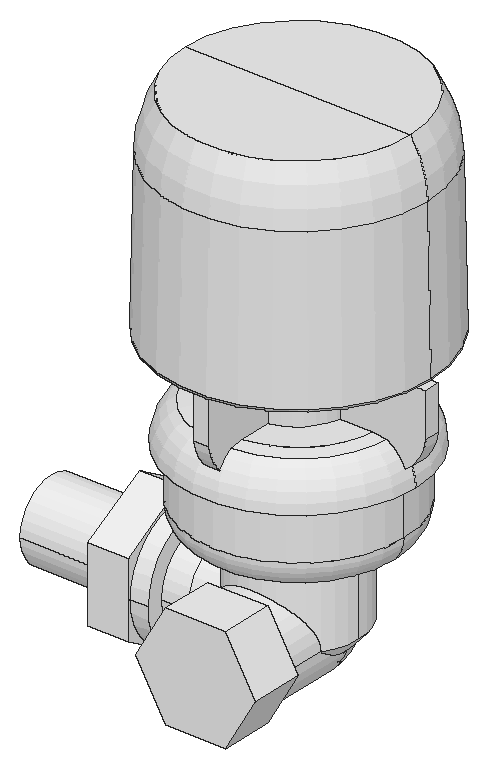
Revit family "RA-IN_Double Angle_Right_DN10-15_Aveo_RFA", category Pipe Accessories, Revit 2019
Family settings
  Round Connector Dimension = Use Diameter
  Part Type = Valve - Breaks Into
  OmniClass Number = 23.65.55.14.17
  OmniClass Title = Adjusting/Controlling Valves for Liquid Services
  Work Plane-Based = No
  Always vertical = Yes
  Cut with Voids When Loaded = No
  Shared = No
Parameters (values of type "RA-IN_Double Angle_Right_DN10_013G6571")
  Weight = 0.23 kg
  Wa = if(or(Sensor Type = Tamp_Remote, Sensor Type = [Tamp_Built-in]), 30.50 mm, 28.00 mm)  # 28.00 mm
  W = Wa + L5  # 55.00 mm
  Setting Range = "1-4,N"  # constant formula
  Sensor Type = Aveo Sensors_RA_RFA : Aveo Sensors_Built-in_7-28 °C
  SH = 33.00 mm  # constant formula
  Tamp_Remote = Aveo Sensors_RA_RFA : Aveo Sensors_Tamperproof_Remote_7-26 °C_015G4042
  Tamp_Built-in = Aveo Sensors_RA_RFA : Aveo Sensors_Tamperproof_Built-in_7-28 °C
  R_200_1 = 15.50 mm
  R_200 = 12.70 mm
  RV2 = 10.00 mm
  RV3 = 13.30 mm
  RV4 = 8.30 mm
  RV1_1 = 10.00 mm
  RB2 = 10.50 mm
  RB = 12.80 mm
  Pressure Drop [instance] = 0.0 bar
  Model Type = "RA-IN_Double Angle_Right_DN10"
  Model = "013G6571"
  Max Operating Pressure = "10 bar"  # constant formula
  Max Medium Temperature = "120 ˚C"  # constant formula
  Max Differential Pressure = "0.6 bar"  # constant formula
  L_nut thread2 = 27.00 mm
  L_nut thread1 = 22.00 mm
  LOD 350 = not(LOD 200)  # yes
  LOD 200 = no
  L6 = 16.00 mm
  L5 = 27.00 mm
  L3 = 6.00 mm
  L1 = 15.00 mm
  L2 = 4.00 mm
  L4 = 8.50 mm
  SL = L1 + L2 + L3 + L4  # 33.50 mm
  LL = 52.00 mm
  L = Wa + LL  # 80.00 mm
  Kvs = 0.65 m³/h
  IfcExportType = "RA-IN"  # constant formula
  IfcExportAs = "IfcValveType"  # constant formula
  Valve Body Material = Danfoss Brass (Nickel plated)
  URL = "https://store.danfoss.com/fr/en/Climate-Solutions-for-heating/Radiator-Thermostats/Radiator-Valves/Build-on-valves/Presetting-valves/c/13866?q=%3Arelevance%3Adanfoss_producttypehierarchydesc%3ARA-IN%3Adanfoss_a223339155%3AA223_339155e8a4b9257411af40f22b1cba9d507f15&text="
  RV1 = 10.50 mm
  Manufacturer = "Danfoss"  # constant formula
  RB3 = 10.50 mm
  HH = 22.00 mm
  H1 = 15.00 mm
  HT = H1 + 84.00 mm  # 99.00 mm
  H = R_200_1 + HT  # 114.50 mm
  Flow [instance] = 0.0 m³/h
  Description = "Thermostatic Radiator Valve"  # constant formula
  DB4 = 25.60 mm
  D = 10.00 mm
  Connection = "Internal thread"  # constant formula
Reference planes
  plane 1 "Center (Front/Back)": y = 0
  plane 2 "XYPLANE": z = 0
  plane 3 "Center (Left/Right)": x = 0
  plane 4 "56": z = 99
  plane 5 "54": z = 8.5
  plane 6 "51": x = 0
  plane 7 "50": y = 0
  plane 8 "49": z = 0
  plane 9: z = 10
  plane 10: z = 15
  plane 11: y = -27
  plane 12: y = -16
  plane 13: z = -10.5
  plane 14: x = -15
  plane 15: x = -21
  plane 16: x = -25
  plane 17: x = -33.5
  plane 18: x = -52
  plane 19: x = 28
  plane 20: y = 28
  plane 21: z = -15.5
Forms (mm)
  Extrusion 1, solid, material "Danfoss Brass (Nickel plated)" <- "Valve Body Material", visible <- "LOD 350", detail levels fine
    sketch origin (0, 0, 0) x (1, 0, 0) y (0, 1, 0)
      loop
        circle (0, 0) r 12.8
    from 0 to 15
  Blend 2, solid, material "Danfoss Brass (Nickel plated)" <- "Valve Body Material", visible <- "LOD 350", detail levels fine
    base sketch origin (0, 0, 0) x (0, -1, 0) y (1, 0, 0)
      loop
        circle (0, 0) r 12.8
    top sketch origin (0, 0, 0) x (0, -1, 0) y (1, 0, 0)
      loop
        circle (0, 0) r 10.5
    from 0 to -2.7
  Extrusion 3, solid, material "Danfoss Brass (Nickel plated)" <- "Valve Body Material", visible <- "LOD 200", detail levels fine
    sketch origin (0, 0, 0) x (0, 1, 0) y (0, 0, 1)
      loop
        circle (0, 0) r 10.5
    from 0 to -25
  Revolve 4, solid, material "Danfoss Brass (Nickel plated)" <- "Valve Body Material", visible <- "LOD 350", detail levels fine
    sketch origin (0, 0, 0) x (0, 1, 0) y (0, 0, 1)
      loop
        line (0, 10.5) -> (0, -10.5)
        arc (0, -10.5) -> (10.5, 0) -> (0, 10.5) r 10.5
      axis (0, -10.5) -> (0, 10.5)
    angle from 0 to 360
  Extrusion 5, solid, material "Danfoss Brass (Nickel plated)" <- "Valve Body Material", detail levels fine
    sketch origin (0, 0, 0) x (1, 0, 0) y (0, 0, 1)
      loop
        circle (0, 0) r 10.5
    from 0 to 16
  Extrusion 6, solid, material "Danfoss Brass (Nickel plated)" <- "Valve Body Material", visible <- "LOD 350", detail levels fine
    sketch origin (0, 0, 0) x (1, 0, 0) y (0, 0, 1)
      loop
        line (-6.351, 11) -> (-12.702, 0) -> (-6.351, -11) -> (6.351, -11) -> (12.702, 0) -> (6.351, 11) -> (-6.351, 11)
    from 16 to 27
  Extrusion 7, solid, material "Danfoss Brass (Nickel plated)" <- "Valve Body Material", visible <- "LOD 350", detail levels fine
    sketch origin (-16.7, -750, 0) x (0, 1, 0) y (0, 0, -1)
      loop
        circle (750, 0) r 10.5
    from -1.7 to -16.7
  Extrusion 8, solid, material "Danfoss Brass (Nickel plated)" <- "Valve Body Material", visible <- "LOD 350", detail levels fine
    sketch origin (-23.5, -750, 0) x (0, 1, 0) y (0, 0, -1)
      loop
        line (750, -15.588) -> (763.5, -7.794) -> (763.5, 7.794) -> (750, 15.588) -> (736.5, 7.794) -> (736.5, -7.794) -> (750, -15.588)
    from 10 to 1.5
  Extrusion 9, solid, material "Danfoss Brass (Nickel plated)" <- "Valve Body Material", visible <- "LOD 350", detail levels fine
    sketch origin (-23.5, -750, 0) x (0, 1, 0) y (0, 0, -1)
      loop
        circle (750, 0) r 13.3
    from 1.5 to -2.5
  Blend 10, solid, material "Danfoss Brass (Nickel plated)" <- "Valve Body Material", visible <- "LOD 350", detail levels fine
    base sketch origin (0, 0, 0) x (0, 1, 0) y (0, 0, -1)
      loop
        circle (0, 0) r 10
    top sketch origin (0, 0, 0) x (0, 1, 0) y (0, 0, -1)
      loop
        circle (0, 0) r 10
    from 15 to 21
  Extrusion 11, solid, material "Danfoss Brass (Nickel plated)" <- "Valve Body Material", detail levels fine
    sketch origin (-23.5, -750, 0) x (0, 1, 0) y (0, 0, -1)
      loop
        circle (750, 0) r 8.3
    from 10 to 28.5
  Extrusion 12, solid, material "Danfoss Brass (Nickel plated)" <- "Valve Body Material", visible <- "LOD 200", detail levels fine
    sketch origin (0, 0, 0) x (1, 0, 0) y (0, 0, 1)
      loop
        circle (0, 0) r 12.7
    from 16 to 27
  Extrusion 13, solid, material "Danfoss Nickel Plated Brass", visible <- "LOD 200", detail levels fine
    sketch origin (0, 0, 0) x (0, 1, 0) y (0, 0, 1)
      loop
        circle (0, 0) r 15.5
    from -33.5 to -25
  Extrusion 14, solid, material "Danfoss Brass (Nickel plated)" <- "Valve Body Material", visible <- "LOD 200", detail levels fine
    sketch origin (0, 0, 0) x (1, 0, 0) y (0, 1, 0)
      loop
        circle (0, 0) r 12.8
    from -10.5 to 15
Lines and regions (mm)
  reference lines
    curve 1: line (0, 0, -22) -> (0, 5, -22)
Dimensions and locks
  locked: plane 3 "Center (Left/Right)" to plane 6 "51"
  locked: plane 1 "Center (Front/Back)" to plane 7 "50"
  locked: plane 2 "XYPLANE" to plane 8 "49"
  "L5": plane 11 to plane 1 "Center (Front/Back)"
  "L6": plane 12 to plane 1 "Center (Front/Back)"
  "L_nut thread1": Extrusion 6 sketch curve to Extrusion 6 sketch curve  (x3)
  equal spacing: Extrusion 6 sketch curve, level, Extrusion 6 sketch curve
  equal spacing: Extrusion 6 sketch curve, plane 3 "Center (Left/Right)", Extrusion 6 sketch curve  (x2)
  "RB2": level to plane 13
  "L1": plane 14 to plane 3 "Center (Left/Right)"
  "L3": plane 15 to plane 14
  "L2": plane 16 to plane 15
  "L4": plane 17 to plane 16
  "LL": plane 3 "Center (Left/Right)" to plane 18
  "L_nut thread2": Extrusion 8 sketch curve to Extrusion 8 sketch curve  (x3)
  equal spacing: Extrusion 8 sketch curve, plane 1 "Center (Front/Back)", Extrusion 8 sketch curve  (x3)
  "L": plane 19 to plane 18
  "R_200_1": level to plane 21
  "W": plane 20 to plane 11
  "H1": plane 10 to level
  "H": plane 4 "56" to plane 21
  plane 4 "56" to level = 99.00 mm
  Extrusion 8 to plane 6 "51" = 25.00 mm
  plane 4 "56" to plane 10 = 84.00 mm
  "DB4": diameter of Extrusion 1 sketch curve
  "RB3": radius of Blend 2 sketch curve
  "DB4": diameter of Blend 2 sketch curve
  "RV1": radius of Extrusion 3 sketch curve
  "RB2": radius of Revolve 4 sketch curve
  "RB2": radius of Extrusion 5 sketch curve
  "RV1": radius of Extrusion 7 sketch curve
  "RV3": radius of Extrusion 9 sketch curve
  "RV1_1": radius of Blend 10 sketch curve
  "RV2": radius of Blend 10 sketch curve
  "RV4": radius of Extrusion 11 sketch curve
  "R_200": radius of Extrusion 12 sketch curve
  "R_200_1": radius of Extrusion 13 sketch curve
  "DB4": diameter of Extrusion 14 sketch curve
  angle Extrusion 6 sketch curve to Extrusion 6 sketch curve = 120.00°  (x6)
  angle Extrusion 8 sketch curve to Extrusion 8 sketch curve = 120.00°  (x6)
  aligned and locked: level to plane 2 "XYPLANE"
  aligned and locked: plane 6 "51" to Extrusion 1 sketch curve
  aligned and locked: plane 7 "50" to Extrusion 1 sketch curve
  aligned and locked: plane 10 to Extrusion 1
  aligned and locked: plane 6 "51" to Blend 2 sketch curve
  aligned and locked: plane 7 "50" to Blend 2 sketch curve
  aligned and locked: level to Extrusion 3 sketch curve
  aligned and locked: plane 1 "Center (Front/Back)" to Extrusion 3 sketch curve
  aligned and locked: plane 1 "Center (Front/Back)" to Revolve 4 sketch curve  (x2)
  aligned and locked: level to Revolve 4 sketch curve
  aligned and locked: Revolve 4 sketch curve to plane 1 "Center (Front/Back)"
  aligned and locked: plane 3 "Center (Left/Right)" to Extrusion 5 sketch curve
  aligned and locked: level to Extrusion 5 sketch curve
  aligned and locked: Extrusion 5 to plane 12
  aligned and locked: Extrusion 6 to plane 11
  aligned and locked: plane 12 to Extrusion 6
  aligned and locked: Extrusion 11 to plane 18
  aligned and locked: Extrusion 11 to Extrusion 8
  aligned and locked: Extrusion 8 to plane 17
  aligned and locked: plane 16 to Extrusion 8
  aligned and locked: Extrusion 9 to plane 16
  aligned and locked: plane 15 to Extrusion 9
  aligned and locked: Blend 10 to plane 15
  aligned and locked: plane 14 to Blend 10
  aligned and locked: plane 3 "Center (Left/Right)" to Extrusion 7
  aligned and locked: Extrusion 7 to plane 14
  aligned and locked: Extrusion 3 to Extrusion 8
  aligned and locked: plane 3 "Center (Left/Right)" to Extrusion 12 sketch curve
  aligned and locked: level to Extrusion 12 sketch curve
  aligned and locked: plane 1 "Center (Front/Back)" to Extrusion 13 sketch curve
  aligned and locked: level to Extrusion 13 sketch curve
  aligned and locked: plane 12 to Extrusion 12
  aligned and locked: Extrusion 12 to plane 11
  aligned and locked: Extrusion 13 to plane 17
  aligned and locked: plane 16 to Extrusion 13
  aligned and locked: level to Blend 2
  aligned and locked: Extrusion 1 to level
  aligned and locked: plane 6 "51" to Extrusion 14 sketch curve
  aligned and locked: plane 7 "50" to Extrusion 14 sketch curve
  aligned and locked: Extrusion 14 to plane 13
  aligned and locked: plane 10 to Extrusion 14
  aligned and locked: plane 3 "Center (Left/Right)" to nested 1
  aligned and locked: plane 10 to nested 1
  aligned and locked: plane 1 "Center (Front/Back)" to nested 1
  aligned and locked: plane 3 "Center (Left/Right)" to nested 2
  aligned and locked: plane 1 "Center (Front/Back)" to nested 2
  aligned and locked: level to nested 2
  aligned and locked: plane 1 "Center (Front/Back)" to nested 3
  aligned and locked: nested 3 to plane 10
  aligned and locked: plane 3 "Center (Left/Right)" to nested 3
Automatic sketch dimensions
  curve 1 to plane 3 "Center (Left/Right)" = 0.00 mm
  plane 1 "Center (Front/Back)" to curve 1 = 0.00 mm
  curve 1 to plane 1 "Center (Front/Back)" = 5.00 mm
  plane 1 "Center (Front/Back)" to Blend 2 sketch curve = 0.00 mm
  Blend 2 sketch curve to plane 3 "Center (Left/Right)" = 0.00 mm
  Revolve 4 sketch curve to plane 10 = 0.00 mm
  plane 21 to Revolve 4 sketch curve = 1.321 mm
  Extrusion 5 sketch curve to level = 0.00 mm
  Extrusion 7 sketch curve to level = 0.00 mm
  Extrusion 7 sketch curve to plane 1 "Center (Front/Back)" = 0.00 mm
  Extrusion 9 sketch curve to level = 0.00 mm
  Extrusion 9 sketch curve to plane 1 "Center (Front/Back)" = 0.00 mm
  Blend 10 sketch curve to level = 0.00 mm  (x2)
  Blend 10 sketch curve to plane 1 "Center (Front/Back)" = 0.00 mm  (x2)
  Extrusion 11 sketch curve to level = 0.00 mm
  Extrusion 11 sketch curve to plane 1 "Center (Front/Back)" = 0.00 mm
Nested families
  nested 1: "connection neck" at (0, 0, 15), LOD 200 <- "LOD 200", type "connection", detail levels fine
    with LOD 350 yes, LOD 200 no, DN20(350) yes, DN10-15(350) no
  nested 2: "Schematic_TRV_Sensor_Angle Right" at (0, 0, 0), type "Schematic_TRV_Sensor_Angle Right", detail levels coarse+medium
  nested 3: "Aveo Sensors_RA_RFA" at (0, 0, 15), LOD 200 <- "LOD 200", type <- "Sensor Type", type "Aveo Sensors_Built-in_7-28 °C", detail levels fine
    with Y' 700.00 mm, X' 700.00 mm, LOD 350 yes, LOD 200 no, Box Z Offset 100.00 mm, Box Y Offset 100.00 mm, Box X Offset 100.00 mm
Connectors
  piping at (0, -27, 0), diameter 10, driven by "Flow", driven by "D"
    settings: on Extrusion 6, index 1, connector inside diameter 609.6 mm, connector length 0.00 mm, flow factor 0, pipe flow 0.0 m³/h, pressure drop 0.0 bar, fitting loss kfactor 0, connector angle 0.00°, fixture units 0, engagement length 0.00 mm, angle of deflection 0.00°, flow configuration 0, flow direction 1, fitting loss method 0, system type 29, joint type 0, gender type 0, connector reference index 2, connector utility 0, adjustable connector no, is connector primary yes, connector description ""
  piping at (-33.5, 0, 0), diameter 10, driven by "D", driven by "Flow"
    settings: on Extrusion 8, index 2, connector inside diameter 609.6 mm, connector length 0.00 mm, flow factor 0, pipe flow 0.0 m³/h, pressure drop 0.0 bar, fitting loss kfactor 0, connector angle 0.00°, fixture units 0, engagement length 0.00 mm, angle of deflection 0.00°, flow configuration 0, flow direction 2, fitting loss method 0, system type 29, joint type 0, gender type 0, connector reference index 1, connector utility 0, adjustable connector no, is connector primary no, connector description ""
Definition of nested family "connection neck"
  Parameters (values of type "connection")
    Model = ""
    Valve Body Material = none
    LOD 350 [instance] = not(LOD 200)  # yes
    LOD 200 [instance] = no
    IfcExportType = "Connection neck"  # constant formula
    IfcExportAs = "IfcValveType"  # constant formula
    URL = "https://store.danfoss.com/en/Climate-Solutions-for-heating/Radiator-Thermostats/Radiator-Valves/Build-on-valves/Presetting-valves/c/13866?q=%3Arelevance%3Adanfoss_producttypehierarchydesc%3ARA-N&text="
    Manufacturer = "Danfoss"  # constant formula
    HT1 = if(D = 20.00 mm, 12.55 mm, 12.65 mm)  # 12.55 mm
    HT = 33.00 mm  # constant formula
    H [instance] = 33.00 mm
    Description = "Thermostatic Radiator Valve"  # constant formula
    DN20(350) [instance] = and((LOD 350), D = 20.00 mm)  # yes
    DN10-15(350) [instance] = and((LOD 350), D < 20.00 mm)  # no
    D = 20.00 mm
  Reference planes
    plane 1 "Center (Front/Back)": y = 0
    plane 2 "XYPLANE": z = 6
    plane 3 "Center (Left/Right)": x = 0
    plane 4 "67": z = 26.93
    plane 5 "66": z = 7
    plane 6 "63": x = 0
    plane 7 "60": y = 0
    plane 8 "59": z = 0
    plane 9: z = 33
    plane 10: z = 12.65
    plane 11: z = 0
    plane 12 "HT1": z = 12.55
    plane 13: z = 6.1
    plane 14: z = 22.93
  Forms (mm)
    Revolve 1, solid, detail levels fine
      sketch origin (0, 0, 0) x (1, 0, 0) y (0, 0, 1)
        loop
          line (0, 33) -> (0, 26.93) -> (1, 26.93) -> (1, 33) -> (0, 33)
        axis (0, 26.93) -> (0, 33)
      angle from 0 to 360
    Revolve 2, solid, visible <- "DN10-15(350)", detail levels fine
      sketch origin (0, 0, 0) x (1, 0, 0) y (0, 0, 1)
        loop
          line (0, 0) -> (11.5, 0) -> (11.5, 7) -> (8.3, 7) -> (8.3, 12.55) -> (0, 12.55) -> (0, 0)
        axis (0, 12.55) -> (0, 0)
      angle from 0 to 360
    Revolve 3, solid, material <- "Valve Body Material", detail levels fine
      sketch origin (0, 0, 0) x (1, 0, 0) y (0, 0, 1)
        loop
          line (0, 22.93) -> (0, 12.55) -> (9.3, 12.55) -> (9.3, 22.93) -> (0, 22.93)
        axis (0, 12.55) -> (0, 22.93)
      angle from 0 to 360
    Revolve 4, solid, visible <- "LOD 200", detail levels fine
      sketch origin (0, 0, 0) x (1, 0, 0) y (0, 0, 1)
        loop
          line (0, 0) -> (11.5, 0) -> (11.5, 12.55) -> (0, 12.55) -> (0, 0)
        axis (0, 0) -> (0, 12.55)
      angle from 0 to 360
    Extrusion 5, solid, visible <- "LOD 350", detail levels fine
      sketch origin (0, 0, 0) x (1, 0, 0) y (0, 1, 0)
        loop
          line (-2.887, 5) -> (-5.774, 0) -> (-2.887, -5) -> (2.887, -5) -> (5.774, 0) -> (2.887, 5) -> (-2.887, 5)
      from 22.93 to 26.93
    Revolve 6, solid, visible <- "LOD 200", detail levels fine
      sketch origin (0, 0, 0) x (1, 0, 0) y (0, 0, 1)
        loop
          line (0, 26.93) -> (0, 22.93) -> (5.774, 22.93) -> (5.774, 26.93) -> (0, 26.93)
        axis (0, 26.93) -> (0, 22.93)
      angle from 0 to 360
    Revolve 7, solid, visible <- "DN20(350)", detail levels fine
      sketch origin (0, 0, 0) x (1, 0, 0) y (0, 0, 1)
        loop
          line (0, 0) -> (11.5, 0) -> (11.5, 6.1) -> (8.3, 6.1) -> (8.3, 12.55) -> (0, 12.55) -> (0, 0)
        axis (0, 12.55) -> (0, 0)
      angle from 0 to 360
  Lines and regions (mm)
    reference lines, not visible
      curve 1: circle (2, 2, 0) r 1 normal (0, 0, 1)
    reference lines, visible <- "LOD 350"
      curve 2: line (32, 0, 0) -> (32, 5.846, -3.375)
      curve 3: line (32, 0, 0) -> (32, 0, -6.75)
      curve 4: line (32, 0, 0) -> (32, -5.846, -3.375)
      curve 5: line (-29, 0, 0) -> (-29, -4.98, -2.875)
      curve 6: line (-29, 0, 0) -> (-29, 0, -5.75)
      curve 7: line (-29, 0, 0) -> (-29, 4.98, -2.875)
  Dimensions and locks
    plane 1 "Center (Front/Back)" to curve 1 = 2.00 mm
    locked: plane 3 "Center (Left/Right)" to plane 6 "63"
    locked: plane 1 "Center (Front/Back)" to plane 7 "60"
    plane 8 "59" to plane 2 "XYPLANE" = 6.00 mm
    "HT": plane 9 to level
    Revolve 3 sketch curve to Revolve 3 sketch curve = 9.30 mm
    Revolve 2 sketch curve to plane 3 "Center (Left/Right)" = 11.50 mm
    Revolve 2 sketch curve to plane 3 "Center (Left/Right)" = 8.30 mm
    Revolve 4 sketch curve to Revolve 4 sketch curve = 11.50 mm
    Extrusion 5 sketch curve to Extrusion 5 sketch curve = 10.00 mm  (x3)
    equal spacing: Extrusion 5 sketch curve, plane 1 "Center (Front/Back)", Extrusion 5 sketch curve
    equal spacing: Extrusion 5 sketch curve, plane 3 "Center (Left/Right)", Extrusion 5 sketch curve  (x2)
    Revolve 6 sketch curve to Revolve 6 sketch curve = 5.774 mm
    "H": plane 9 to plane 11
    Revolve 1 sketch curve to Revolve 1 sketch curve = 1.00 mm
    locked: level to plane 11
    Revolve 7 sketch curve to plane 3 "Center (Left/Right)" = 8.30 mm
    Revolve 7 sketch curve to plane 3 "Center (Left/Right)" = 11.50 mm
    plane 10 to plane 5 "66" = 5.65 mm
    "HT1": plane 12 "HT1" to level
    locked: plane 13 to level at 6.1
    plane 12 "HT1" to plane 13 = 6.45 mm
    locked: plane 14 to plane 12 "HT1" at 10.38
    locked: plane 4 "67" to plane 14 at 4
    locked: plane 5 "66" to level at 7
    locked: curve 3 to curve 2 (angle 60.00°)
    locked: curve 4 to curve 3 (angle 60.00°)
    locked: curve 4 to curve 2 (angle 120.00°)
    locked: curve 6 to curve 5 (angle 60.00°)
    locked: curve 7 to curve 6 (angle 60.00°)
    locked: curve 7 to curve 5 (angle 120.00°)
    aligned and locked: curve 4 to plane 7 "60"
    aligned and locked: plane 8 "59" to curve 4
    aligned and locked: curve 7 to plane 7 "60"
    aligned and locked: plane 8 "59" to curve 7
    aligned and locked: Revolve 1 sketch curve to plane 6 "63"
    aligned and locked: Revolve 1 sketch curve to plane 9
    aligned and locked: plane 6 "63" to Revolve 1 sketch curve
    aligned and locked: Revolve 2 sketch curve to plane 5 "66"
    aligned and locked: Revolve 2 sketch curve to plane 3 "Center (Left/Right)"
    aligned and locked: Revolve 2 sketch curve to Revolve 2 sketch curve
    aligned and locked: Revolve 3 sketch curve to plane 6 "63"
    aligned and locked: plane 6 "63" to Revolve 3 sketch curve
    aligned and locked: Revolve 4 sketch curve to plane 6 "63"
    aligned and locked: plane 2 "XYPLANE" to Revolve 4 sketch curve
    aligned and locked: plane 6 "63" to Revolve 4 sketch curve
    aligned and locked: Revolve 1 sketch curve to plane 4 "67"
    aligned and locked: plane 4 "67" to Revolve 1 sketch curve
    aligned and locked: Revolve 2 sketch curve to plane 11
    aligned and locked: plane 11 to Revolve 2 sketch curve
    aligned and locked: plane 4 "67" to Extrusion 5
    aligned and locked: plane 10 to Revolve 4
    aligned and locked: Revolve 6 sketch curve to plane 6 "63"  (x2)
    aligned and locked: Revolve 6 sketch curve to plane 4 "67"
    aligned and locked: Revolve 6 sketch curve to Revolve 1
    aligned and locked: Revolve 6 sketch curve to Revolve 6 sketch curve
    aligned and locked: Revolve 7 sketch curve to level
    aligned and locked: Revolve 7 sketch curve to plane 3 "Center (Left/Right)"  (x2)
    aligned and locked: Revolve 4 sketch curve to plane 12 "HT1"
    aligned and locked: Revolve 3 sketch curve to plane 12 "HT1"
    aligned and locked: Revolve 2 sketch curve to plane 12 "HT1"
    aligned and locked: Revolve 7 sketch curve to plane 12 "HT1"
    aligned and locked: Revolve 7 sketch curve to plane 13
    aligned and locked: Revolve 3 sketch curve to plane 14
    aligned and locked: Extrusion 5 to plane 14
  Automatic sketch dimensions
    plane 3 "Center (Left/Right)" to curve 1 = 2.00 mm
    plane 9 to Revolve 1 sketch curve = 0.838 mm
    Revolve 3 sketch curve to plane 3 "Center (Left/Right)" = 0.00 mm
    plane 5 "66" to Revolve 3 sketch curve = 2.50 mm
    Revolve 3 sketch curve to plane 9 = 1.691 mm
    Revolve 4 sketch curve to plane 11 = 0.00 mm
    Revolve 4 sketch curve to plane 9 = 0.30 mm
    plane 1 "Center (Front/Back)" to Extrusion 5 sketch curve = 0.00 mm
    Extrusion 5 sketch curve to Extrusion 5 sketch curve = 2.887 mm
    Revolve 7 sketch curve to Revolve 7 sketch curve = 0.00 mm
    Revolve 7 sketch curve to Revolve 7 sketch curve = 11.48 mm
    Revolve 2 sketch curve to plane 4 "67" = 3.00 mm
    Revolve 6 sketch curve to plane 4 "67" = 4.00 mm
    radius of curve 1 = 1.00 mm
Definition of nested family "Aveo Sensors_RA_RFA"
  Parameters (values of type "Aveo Sensors_Built-in_7-28 °C")
    YH = XYadd - H'  # 516.00 mm
    Y' [instance] = if(Box Y Offset < -1 * XYlimit, XYadd - XYlimit, (if(Box Y Offset > XYlimit, XYadd + XYlimit, Box Y Offset + XYadd)))  # 700.00 mm
    XYadd = XYlimit + 100.00 mm  # 600.00 mm
    X' [instance] = if(Box X Offset < -1 * XYlimit, XYadd - XYlimit, (if(Box X Offset > XYlimit, XYadd + XYlimit, Box X Offset + XYadd)))  # 700.00 mm
    XYlimit = 500.00 mm
    W [instance] = 56.00 mm
    Tactile Temperature Setting = "Yes (Tactile feedback every 0.5°C)"
    Min Temperature Setting = "7 °C"  # constant formula
    Max Temperature Setting = "28 °C"
    Max Capillary Tube Length = 0.00 mm
    L [instance] = 56.00 mm
    Box Z Offset [instance] = 100.00 mm  # constant formula
    Aveo Sensor = Aveo_RFA : Aveo Sensors
    Sensor Media = "Gas"  # constant formula
    Remote Sensor = if(RS = 1, 1 = 1, 1 = 0)  # no
    URL = "https://store.danfoss.com/en/Climate-Solutions-for-heating/Radiator-Thermostats/Radiator-sensors/Room-sensor-mTRV/Sensors-for-Danfoss-RA-valves/c/13884?q=%3Arelevance%3Adanfoss_producttypehierarchydesc%3ADanfoss+Aveo%C2%AE+Sensors%3Adanfoss_a1186338575%3AA1186_3385757565fa0f3e171a343b2fd2a01064cb82&text="
    RS = 0
    Model Type = "Aveo Sensors_Built-in_7-28 °C"
    Model = "015G4090,015G4098,015G4290"
    Manufacturer = "Danfoss"  # constant formula
    LOD 350 [instance] = not(LOD 200)  # yes
    LOD 200 [instance] = no
    IfcExportType = "Aveo Sensors"  # constant formula
    IfcExportAs = "IfcActuatorType"  # constant formula
    H' = 84.00 mm
    H [instance] = 84.00 mm
    Description = "Radiator Sensor"  # constant formula
    Connection = "RA"  # constant formula
    Box Y Offset [instance] = 100.00 mm
    Box X Offset [instance] = 100.00 mm
    Body Material = none
  Types (8, lengths in mm): name | YH | Y' | XYadd | X' | XYlimit | W | Tactile Temperature Setting | Max Temperature Setting | Max Capillary Tube Length | L | Aveo Sensor | Remote Sensor | URL | RS | Model Type | Model
    (no name) | 516.00 | 700.00 | 600.00 | 700.00 | 500.00 | 56.00 | "Yes (Tactile feedback every 0.5°C)" | "28 °C" | 0.00 | 56.00 | Aveo_RFA : Aveo Sensors | no | "https://store.danfoss.com/en/Climate-Solutions-for-heating/Radiator-Thermostats/Radiator-sensors/Room-sensor-mTRV/Sensors-for-Danfoss-RA-valves/c/13884?q=%3Arelevance%3Adanfoss_producttypehierarchydesc%3ADanfoss+Aveo%C2%AE+Sensors%3Adanfoss_a1186338575%3AA1186_3385757565fa0f3e171a343b2fd2a01064cb82&text=" | 0 | "Aveo Sensors_Built-in_7-28 °C" | "015G4090,015G4098,015G4290"
    Aveo Sensors_Remote_7-21 °C_015G4182 | 1016.00 | 1200.00 | 1100.00 | 1200.00 | 1000.00 | 56.00 | "Yes (Tactile feedback every 0.5°C)" | "21 °C" | 2000.00 | 56.00 | Aveo_RFA : Aveo Sensors | yes | "https://store.danfoss.com/en/Climate-Solutions-for-heating/Radiator-Thermostats/Radiator-sensors/Room-sensor-mTRV/Sensors-for-Danfoss-RA-valves/c/13884?q=%3Arelevance%3Adanfoss_producttypehierarchydesc%3ADanfoss+Aveo%C2%AE+Sensors%3Adanfoss_a1186338575%3AA1186_3385756922a4d78decdb47e1e9a53dbb12a95d&text=" | 1 | "Aveo Sensors_Remote_7-21 °C" | "015G4182"
    Aveo Sensors_Tamperproof_Built-in_7-28 °C | 516.00 | 700.00 | 600.00 | 700.00 | 500.00 | 61.00 | "No" | "28 °C" | 0.00 | 61.03 | Aveo_RFA : Aveo Sensors_Tamper | no | "https://store.danfoss.com/en/Climate-Solutions-for-heating/Radiator-Thermostats/Radiator-sensors/Room-sensor-mTRV/Sensors-for-Danfoss-RA-valves/c/13884?q=%3Arelevance%3Adanfoss_producttypehierarchydesc%3ADanfoss+Aveo%C2%AE+Sensors%3Adanfoss_a1143338549%3AA1143_33854930bf066c25ae61e81a17fb3e21ea8fe7%3Adanfoss_a1186338575%3AA1186_3385757565fa0f3e171a343b2fd2a01064cb82&text=" | 0 | "Aveo Sensors_Tamperproof_Built-in_7-28 °C" | "015G4040,015G4240"
    Aveo Sensors_Tamperproof_Remote_7-26 °C_015G4042 | 1016.00 | 1200.00 | 1100.00 | 1200.00 | 1000.00 | 60.97 | "No" | "26 °C" | 2000.00 | 61.03 | Aveo_RFA : Aveo Sensors_Tamper | yes | "https://store.danfoss.com/en/Climate-Solutions-for-heating/Radiator-Thermostats/Radiator-sensors/Room-sensor-mTRV/Sensors-for-Danfoss-RA-valves/c/13884?q=%3Arelevance%3Adanfoss_producttypehierarchydesc%3ADanfoss+Aveo%C2%AE+Sensors%3Adanfoss_a1143338549%3AA1143_33854930bf066c25ae61e81a17fb3e21ea8fe7%3Adanfoss_a1186338575%3AA1186_3385756922a4d78decdb47e1e9a53dbb12a95d" | 1 | "Aveo Sensors_Tamperproof_Remote_7-26 °C" | "015G4042"
    Aveo Sensors_Built-in_7-21 °C_015G4180 | 516.00 | 700.00 | 600.00 | 700.00 | 500.00 | 56.00 | "Yes (Tactile feedback every 0.5°C)" | "21 °C" | 0.00 | 56.00 | Aveo_RFA : Aveo Sensors | no | "https://store.danfoss.com/en/Climate-Solutions-for-heating/Radiator-Thermostats/Radiator-sensors/Room-sensor-mTRV/Sensors-for-Danfoss-RA-valves/c/13884?q=%3Arelevance%3Adanfoss_producttypehierarchydesc%3ADanfoss+Aveo%C2%AE+Sensors%3Adanfoss_a1186338575%3AA1186_3385757565fa0f3e171a343b2fd2a01064cb82&text=" | 0 | "Aveo Sensors_Built-in_7-21 °C" | "015G4180"
    Aveo Sensors_Built-in_7-23 °C_015G4123 | 516.00 | 700.00 | 600.00 | 700.00 | 500.00 | 56.00 | "Yes (Tactile feedback every 0.5°C)" | "23 °C" | 0.00 | 56.00 | Aveo_RFA : Aveo Sensors | no | "https://store.danfoss.com/en/Climate-Solutions-for-heating/Radiator-Thermostats/Radiator-sensors/Room-sensor-mTRV/Sensors-for-Danfoss-RA-valves/c/13884?q=%3Arelevance%3Adanfoss_producttypehierarchydesc%3ADanfoss+Aveo%C2%AE+Sensors%3Adanfoss_a1186338575%3AA1186_3385757565fa0f3e171a343b2fd2a01064cb82&text=" | 0 | "Aveo Sensors_Built-in_7-23 °C" | "015G4123"
    Aveo Sensors_Built-in_7-28 °C | 516.00 | 700.00 | 600.00 | 700.00 | 500.00 | 56.00 | "Yes (Tactile feedback every 0.5°C)" | "28 °C" | 0.00 | 56.00 | Aveo_RFA : Aveo Sensors | no | "https://store.danfoss.com/en/Climate-Solutions-for-heating/Radiator-Thermostats/Radiator-sensors/Room-sensor-mTRV/Sensors-for-Danfoss-RA-valves/c/13884?q=%3Arelevance%3Adanfoss_producttypehierarchydesc%3ADanfoss+Aveo%C2%AE+Sensors%3Adanfoss_a1186338575%3AA1186_3385757565fa0f3e171a343b2fd2a01064cb82&text=" | 0 | "Aveo Sensors_Built-in_7-28 °C" | "015G4090,015G4098,015G4290"
    Aveo Sensors_Remote_7-26 °C | 1016.00 | 1200.00 | 1100.00 | 1200.00 | 1000.00 | 56.00 | "Yes (Tactile feedback every 0.5°C)" | "26 °C" | 2000.00 | 56.00 | Aveo_RFA : Aveo Sensors | yes | "https://store.danfoss.com/en/Climate-Solutions-for-heating/Radiator-Thermostats/Radiator-sensors/Room-sensor-mTRV/Sensors-for-Danfoss-RA-valves/c/13884?q=%3Arelevance%3Adanfoss_producttypehierarchydesc%3ADanfoss+Aveo%C2%AE+Sensors%3Adanfoss_a1186338575%3AA1186_3385756922a4d78decdb47e1e9a53dbb12a95d&text=" | 1 | "Aveo Sensors_Remote_7-26 °C" | "015G4092,015G4292"
  Reference planes
    plane 1 "Center (Front/Back)": y = 0
    plane 2: z = 0
    plane 3 "Center (Left/Right)": x = 0
    plane 4: x = -600
    plane 5: z = -516
    plane 6: z = 184
  Lines and regions (mm)
    reference lines
      curve 1: line (100, 100, 0) -> (100, 0, 0)
      curve 2: line (17.515, 100, 0) -> (-57.485, 100, 0)
  Dimensions and locks
    "XYadd": plane 4 to plane 3 "Center (Left/Right)"
    "YH": level to plane 5
    locked: plane 1 "Center (Front/Back)" to curve 2 at 100
    "Y'": plane 6 to plane 5
    "X'": plane 4 to curve 1
    "H": nested 1 to level
    nested 2 to nested 1 = 100.00 mm
    nested 2 to plane 3 "Center (Left/Right)" = 100.00 mm
    "Box Z Offset": nested 2 to plane 1 "Center (Front/Back)"
    nested 1 to nested 1 = 56.00 mm
    "L": nested 1 to nested 1
    aligned and locked: level to plane 2
    aligned and locked: plane 3 "Center (Left/Right)" to nested 1
    aligned and locked: plane 1 "Center (Front/Back)" to nested 1
    aligned and locked: curve 1 to nested 2
    aligned and locked: plane 6 to nested 2
    aligned and locked: nested 1 to level
  Automatic sketch dimensions
    plane 1 "Center (Front/Back)" to curve 1 = 0.00 mm
    plane 3 "Center (Left/Right)" to curve 2 = 17.515 mm
    curve 2 to plane 3 "Center (Left/Right)" = 57.485 mm
  Nested families
    nested 1: "Aveo_RFA" at (0, 0, 0), type <- "Aveo Sensor", type "Aveo Sensors", detail levels fine
    nested 2: "Remote sensor_box_RFA" at (100, 100, 184) x (-1, 0, 0) z (0, -1, 0), LOD 200 <- "LOD 200", Body Material <- "Body Material", visible <- "Remote Sensor", type "Remote sensor_box"
      with LOD 350 yes, LOD 200 no, Body Material none
  Definition of nested family "Aveo_RFA"
    Parameters (values of type "Aveo Sensors")
      W = L  # 56.00 mm
      URL = ""
      With Tamper (LOD 350) = if(and(LOD 350, D1 = 1.00 mm), 1 = 1, 1 = 0)  # no
      Standard (LOD 200) = and(not([Standard (LOD 350)]), not(With Tamper), not([With Tamper (LOD 350)]))  # no
      Sensor Media = "Gas"  # constant formula
      Model = ""
      Manufacturer = "Danfoss"  # constant formula
      LOD 350 = not(LOD 200)  # yes
      LOD 200 = no
      With Tamper = if(and(LOD 200, D1 = 1.00 mm), 1 = 1, 1 = 0)  # no
      L = 56.00 mm
      IfcExportType = "Aveo Sensors"  # constant formula
      IfcExportAs = "IfcActuatorType"  # constant formula
      H [instance] = 84.00 mm
      Description = "Radiator Sensor"  # constant formula
      D1 = 0.00 mm
      Connection = "RA"  # constant formula
      Body Material = none
      Standard (LOD 350) = and(not(LOD 200), not([With Tamper (LOD 350)]))  # yes
    Types (2, lengths in mm): name | W | With Tamper (LOD 350) | L | D1 | Standard (LOD 350)
      Aveo Sensors_Tamper | 61.03 | yes | 61.03 | 1.00 | no
      Aveo Sensors | 56.00 | no | 56.00 | 0.00 | yes
    Reference planes
      plane 1 "Center (Front/Back)": y = 0
      plane 2: z = 0
      plane 3 "Center (Left/Right)": x = 0
      plane 4: y = 28
      plane 5: z = 84
      plane 6: y = -28
      plane 7: z = 15.7
      plane 8: z = 55.7
      plane 9: x = -28
      plane 10: x = 28
    Forms (mm)
      Revolve 1, solid, material <- "Body Material", visible <- "Standard (LOD 350)"
        sketch origin (58.75, 0, 0) x (1, 0, 0) y (0, 0, 1)
          loop
            line (-85.931, 72.625) -> (-86.573, 39.37)
            arc (-86.573, 39.37) -> (-86.43, 39.01) -> (-86.073, 38.861) r 0.499
            line (-86.073, 38.861) -> (-76.586, 38.861) -> (-58.75, 38.861) -> (-58.75, 84) -> (-82.453, 84)
            arc (-82.453, 84) -> (-84.968, 78.55) -> (-85.931, 72.625) r 22.184
          loop
            line (-81.015, 17.711) -> (-81.015, 7.41)
            arc (-81.015, 7.41) -> (-79.155, 2.921) -> (-74.665, 1.061) r 6.349
            line (-74.665, 1.061) -> (-72.426, 1.061) -> (-71.627, 0) -> (-58.75, 0) -> (-58.75, 26.296) -> (-75.835, 26.296) -> (-78.801, 25.879)
            arc (-78.801, 25.879) -> (-82.169, 22.397) -> (-83.397, 17.711) r 9.556
            line (-83.397, 17.711) -> (-81.015, 17.711)
          axis (-58.75, 84) -> (-58.75, 0)
        angle from 0 to 360
      Revolve 2, solid, material <- "Body Material", visible <- "Standard (LOD 200)"
        sketch origin (0, 0, 0) x (1, 0, 0) y (0, 0, 1)
          loop
            line (0, 84) -> (-23.703, 84)
            arc (-23.703, 84) -> (-26.857, 80.567) -> (-28, 76.047) r 9.507
            line (-28, 76.047) -> (-28, 26.296) -> (0, 26.296) -> (0, 84)
          axis (0, 84) -> (0, 26.296)
        angle from 0 to 360
      Extrusion 3, solid, material <- "Body Material", visible <- "Standard (LOD 350)"
        sketch origin (0, 0, 0) x (1, 0, 0) y (0, 0, 1)
          loop
            line (-10.112, 38.861) -> (-18.956, 38.861) -> (-22.118, 37.969) -> (-28, 37.969) -> (-28, 28.615)
            arc (-28, 28.615) -> (-24.743, 22.336) -> (-18.133, 19.817) r 9.932
            line (-18.133, 19.817) -> (-10.112, 19.817) -> (-10.112, 38.861)
        from -1.599 to 1.564
      Extrusion 4, solid, material <- "Body Material", visible <- "Standard (LOD 350)"
        sketch origin (0, 0, 0) x (0, 1, 0) y (0, 0, 1)
          loop
            line (-7.612, 38.861) -> (-16.456, 38.861) -> (-19.618, 37.969) -> (-25.5, 37.969) -> (-25.5, 28.615)
            arc (-25.5, 28.615) -> (-22.243, 22.336) -> (-15.633, 19.817) r 9.932
            line (-15.633, 19.817) -> (-7.612, 19.817) -> (-7.612, 38.861)
        from -1.599 to 1.564
      Extrusion 5, solid, material <- "Body Material", visible <- "Standard (LOD 350)"
        sketch origin (0, 0, 0) x (-1, 0, 0) y (0, 0, -1)
          loop
            line (-10.112, -38.861) -> (-10.112, -19.817) -> (-18.133, -19.817)
            arc (-18.133, -19.817) -> (-24.743, -22.336) -> (-28, -28.615) r 9.932
            line (-28, -28.615) -> (-28, -37.969) -> (-22.118, -37.969) -> (-18.956, -38.861) -> (-10.112, -38.861)
        from -1.599 to 1.564
      Revolve 6, solid, material <- "Body Material", visible <- "Standard (LOD 200)"
        sketch origin (0, 0, 0) x (1, 0, 0) y (0, 0, 1)
          loop
            line (-22.577, 26.296) -> (-22.577, 0) -> (0, 0) -> (0, 26.296) -> (-22.577, 26.296)
          axis (0, 26.296) -> (0, 0)
        angle from 0 to 360
      Revolve 7, solid, material <- "Body Material", visible <- "With Tamper (LOD 350)"
        sketch origin (0, 0, 0) x (1, 0, 0) y (0, 0, 1)
          loop
            line (-13.252, 0) -> (0, 0) -> (0, 84) -> (-23.345, 84)
            arc (-23.345, 84) -> (-26.272, 78.338) -> (-27.354, 72.056) r 20.885
            line (-27.354, 72.056) -> (-27.64, 55.7) -> (-29.195, 55.7) -> (-30.485, 54.745) -> (-30.485, 38.723) -> (-22.149, 18.09)
            arc (-22.149, 18.09) -> (-20.819, 16.357) -> (-18.736, 15.7) r 3.632
            line (-18.736, 15.7) -> (-17.049, 15.7) -> (-17.049, 1.11) -> (-13.252, 1.11) -> (-13.252, 0)
          axis (0, 84) -> (0, 0)
        angle from 0 to 360
      Revolve 8, solid, material <- "Body Material", visible <- "With Tamper"
        sketch origin (0, 0, 0) x (1, 0, 0) y (0, 0, 1)
          loop
            line (-17.049, 15.7) -> (-17.049, 0) -> (0, 0) -> (0, 15.7) -> (-17.049, 15.7)
          axis (0, 15.7) -> (0, 0)
        angle from 0 to 360
      Revolve 9, solid, material <- "Body Material", visible <- "With Tamper"
        sketch origin (0, 0, 0) x (1, 0, 0) y (0, 0, 1)
          loop
            line (0, 84) -> (-22.305, 84)
            arc (-22.305, 84) -> (-28.1, 81.6) -> (-30.5, 75.805) r 8.195
            line (-30.5, 75.805) -> (-30.5, 38.991) -> (-21.201, 15.7) -> (0, 15.7) -> (0, 84)
          axis (0, 84) -> (0, 15.7)
        angle from 0 to 360
      Extrusion 10, solid, visible <- "Standard (LOD 350)"
        sketch origin (0, 0, 0) x (1, 0, 0) y (0, 0, 1)
          loop
            arc (1.774, 26.527) -> (3.062, 27.175) -> (3.617, 28.507) r 2.075
            line (3.617, 28.507) -> (3.617, 31.972)
            arc (3.617, 31.972) -> (3.435, 33.865) -> (2.894, 35.69) r 9.921
            arc (2.894, 35.69) -> (2.616, 36.316) -> (2.295, 36.921) r 9.921
            arc (2.295, 36.921) -> (1.778, 37.482) -> (1.072, 37.77) r 1.747
            line (1.072, 37.77) -> (-1.072, 37.77)
            arc (-1.072, 37.77) -> (-1.778, 37.482) -> (-2.295, 36.921) r 1.747
            arc (-2.295, 36.921) -> (-2.616, 36.316) -> (-2.894, 35.69) r 9.921
            arc (-2.894, 35.69) -> (-3.435, 33.865) -> (-3.617, 31.972) r 9.921
            line (-3.617, 31.972) -> (-3.617, 28.507)
            arc (-3.617, 28.507) -> (-3.062, 27.175) -> (-1.774, 26.527) r 2.075
            line (-1.774, 26.527) -> (1.774, 26.527)
        from -27.797 to -25.847
      Extrusion 11, solid, material <- "Body Material", visible <- "Standard (LOD 350)"
        sketch origin (0, 0, 0) x (0, 1, 0) y (0, 0, 1)
          loop
            line (7.612, 38.861) -> (7.612, 19.42) -> (16.192, 19.42)
            arc (16.192, 19.42) -> (20.244, 20.167) -> (23.763, 22.31) r 11.36
            arc (23.763, 22.31) -> (25.412, 24.295) -> (26.713, 26.524) r 15.693
            line (26.713, 26.524) -> (25.847, 26.524) -> (25.847, 38.861) -> (7.612, 38.861)
        from -1.6 to 1.56
      Revolve 12, solid, material <- "Body Material", visible <- "Standard (LOD 350)"
        sketch origin (0, 0, 0) x (1, 0, 0) y (0, 0, 1)
          loop
            line (0, 38.861) -> (-10.112, 38.861) -> (-10.112, 26.296) -> (0, 26.296) -> (0, 38.861)
          axis (0, 38.861) -> (0, 26.296)
        angle from 0 to 360
    Lines and regions (mm)
      symbolic lines
        curve 1: line (25.939, -10.66, 0) -> (27.155, -6.916, 0)
    Dimensions and locks
      "H": plane 5 to level
      "W": plane 4 to plane 6
      equal spacing: plane 4, plane 1 "Center (Front/Back)", plane 6
      locked: plane 7 to level at 15.7
      level to Extrusion 10 sketch curve = 26.527 mm
      level to Extrusion 10 sketch curve = 37.77 mm
      locked: plane 8 to level at 55.7
      plane 4 to plane 6 = 56.00 mm
      "L": plane 9 to plane 10
      equal spacing: plane 9, plane 3 "Center (Left/Right)", plane 10
      aligned and locked: level to plane 2
      aligned and locked: Revolve 6 sketch curve to level
      aligned and locked: plane 3 "Center (Left/Right)" to Revolve 6 sketch curve
      aligned and locked: Revolve 6 sketch curve to plane 3 "Center (Left/Right)"
      aligned and locked: Revolve 7 sketch curve to plane 3 "Center (Left/Right)"  (x2)
      aligned and locked: Revolve 7 sketch curve to plane 5
      aligned and locked: Revolve 7 sketch curve to level
      aligned and locked: plane 7 to Revolve 7 sketch curve
      aligned and locked: Revolve 8 sketch curve to plane 7
      aligned and locked: Revolve 8 sketch curve to level
      aligned and locked: Revolve 8 sketch curve to plane 3 "Center (Left/Right)"  (x2)
      aligned and locked: plane 3 "Center (Left/Right)" to Revolve 9 sketch curve
      aligned and locked: Revolve 9 sketch curve to plane 7
      aligned and locked: plane 5 to Revolve 9 sketch curve
      aligned and locked: Revolve 9 sketch curve to plane 3 "Center (Left/Right)"
      aligned and locked: Revolve 2 sketch curve to plane 3 "Center (Left/Right)"
      aligned and locked: Revolve 12 sketch curve to plane 3 "Center (Left/Right)"  (x2)
      aligned and locked: Extrusion 3 to Revolve 12 sketch curve
      aligned and locked: Revolve 1 to Revolve 12 sketch curve  (x2)
      aligned and locked: plane 8 to Revolve 7 sketch curve
      aligned and locked: Extrusion 11 sketch curve to Extrusion 10
      aligned and locked: plane 3 "Center (Left/Right)" to Revolve 1 sketch curve  (x2)
      aligned and locked: Revolve 1 sketch curve to plane 3 "Center (Left/Right)"
    Automatic sketch dimensions
      plane 1 "Center (Front/Back)" to curve 1 = 10.66 mm
      curve 1 to curve 1 = 3.744 mm
      Extrusion 3 sketch curve to Extrusion 3 sketch curve = 3.162 mm
      Extrusion 3 sketch curve to Extrusion 3 sketch curve = 3.985 mm
      Extrusion 3 sketch curve to Extrusion 3 sketch curve = 8.021 mm
      Extrusion 3 sketch curve to Extrusion 3 sketch curve = 9.353 mm
      Extrusion 3 sketch curve to Extrusion 3 sketch curve = 0.892 mm
      plane 6 to Extrusion 4 sketch curve = 2.50 mm
      Extrusion 4 sketch curve to Extrusion 4 sketch curve = 5.882 mm
      Extrusion 4 sketch curve to Extrusion 4 sketch curve = 3.162 mm
      Extrusion 4 sketch curve to Extrusion 4 sketch curve = 3.985 mm
      Extrusion 4 sketch curve to Extrusion 4 sketch curve = 8.021 mm
      Extrusion 4 sketch curve to Extrusion 4 sketch curve = 9.353 mm
      Extrusion 4 sketch curve to Extrusion 4 sketch curve = 0.892 mm
      Extrusion 5 sketch curve to Extrusion 5 sketch curve = 5.882 mm
      Extrusion 5 sketch curve to Extrusion 5 sketch curve = 3.162 mm
      Extrusion 5 sketch curve to Extrusion 5 sketch curve = 3.985 mm
      Extrusion 5 sketch curve to Extrusion 5 sketch curve = 8.021 mm
      Extrusion 5 sketch curve to Extrusion 5 sketch curve = 9.353 mm
      Extrusion 5 sketch curve to Extrusion 5 sketch curve = 0.892 mm
      Revolve 1 sketch curve to plane 5 = 0.00 mm
      Revolve 1 sketch curve to level = 0.00 mm
      Revolve 1 sketch curve to plane 3 "Center (Left/Right)" = 5.004 mm
      Revolve 1 sketch curve to plane 3 "Center (Left/Right)" = 12.877 mm
      Revolve 1 sketch curve to Revolve 1 sketch curve = 0.80 mm
      Revolve 1 sketch curve to Revolve 1 sketch curve = 15.091 mm
      level to Revolve 1 sketch curve = 1.061 mm
      Revolve 1 sketch curve to Revolve 1 sketch curve = 2.239 mm
      Revolve 1 sketch curve to Revolve 1 sketch curve = 2.966 mm
      Revolve 1 sketch curve to Revolve 1 sketch curve = 2.383 mm
      Revolve 1 sketch curve to Revolve 1 sketch curve = 0.001 mm
      Revolve 1 sketch curve to Revolve 1 sketch curve = 0.417 mm
      Revolve 1 sketch curve to Revolve 1 sketch curve = 0.499 mm
      Revolve 1 sketch curve to level = 366.045 mm
      Revolve 1 sketch curve to Revolve 1 sketch curve = 11.936 mm
      Revolve 1 sketch curve to Revolve 1 sketch curve = 2130.315 mm
      Revolve 6 sketch curve to level = 366.045 mm
      plane 5 to Revolve 6 sketch curve = 2130.315 mm
      Revolve 1 sketch curve to Revolve 1 sketch curve = 10.301 mm
      level to Extrusion 3 sketch curve = 19.817 mm
      Extrusion 3 sketch curve to Extrusion 3 sketch curve = 8.799 mm
      level to Extrusion 4 sketch curve = 19.817 mm
      Extrusion 4 sketch curve to Extrusion 4 sketch curve = 8.799 mm
      Extrusion 5 sketch curve to level = 19.817 mm
      Extrusion 5 sketch curve to Extrusion 5 sketch curve = 8.799 mm
      Revolve 8 sketch curve to level = 366.045 mm
      plane 5 to Revolve 8 sketch curve = 2130.315 mm
      plane 7 to Revolve 9 sketch curve = 23.291 mm
      Revolve 9 sketch curve to level = 366.045 mm
      plane 5 to Revolve 9 sketch curve = 2130.315 mm
      Revolve 2 sketch curve to plane 5 = 0.00 mm
      Revolve 2 sketch curve to plane 3 "Center (Left/Right)" = 0.00 mm
      Revolve 2 sketch curve to plane 5 = 7.953 mm
      Revolve 2 sketch curve to Revolve 2 sketch curve = 9.507 mm
      Revolve 2 sketch curve to level = 366.045 mm
      Revolve 2 sketch curve to Revolve 2 sketch curve = 2130.315 mm
      plane 7 to Revolve 6 sketch curve = 10.596 mm
      Revolve 1 sketch curve to Revolve 1 sketch curve = 9.487 mm
      Revolve 1 sketch curve to Revolve 1 sketch curve = 12.565 mm
      Extrusion 10 sketch curve to Extrusion 10 sketch curve = 0.002 mm  (x2)
      Extrusion 10 sketch curve to Extrusion 10 sketch curve = 0.003 mm  (x3)
      Extrusion 10 sketch curve to plane 3 "Center (Left/Right)" = 6.305 mm
      Extrusion 10 sketch curve to plane 3 "Center (Left/Right)" = 3.617 mm
      Extrusion 10 sketch curve to plane 3 "Center (Left/Right)" = 1.774 mm
      Extrusion 10 sketch curve to plane 3 "Center (Left/Right)" = 1.543 mm
      Extrusion 10 sketch curve to plane 3 "Center (Left/Right)" = 1.072 mm
      Extrusion 10 sketch curve to plane 3 "Center (Left/Right)" = 0.781 mm
      plane 3 "Center (Left/Right)" to Extrusion 10 sketch curve = 0.781 mm
      plane 3 "Center (Left/Right)" to Extrusion 10 sketch curve = 1.072 mm
      plane 3 "Center (Left/Right)" to Extrusion 10 sketch curve = 1.543 mm
      Extrusion 10 sketch curve to Extrusion 10 sketch curve = 2.074 mm
      Extrusion 10 sketch curve to Extrusion 10 sketch curve = 2.687 mm
      Extrusion 10 sketch curve to Extrusion 10 sketch curve = 1.979 mm  (x2)
      Extrusion 10 sketch curve to Extrusion 10 sketch curve = 2.062 mm
      Extrusion 10 sketch curve to Extrusion 10 sketch curve = 3.468 mm
      Extrusion 10 sketch curve to Extrusion 10 sketch curve = 0.00 mm
      Extrusion 10 sketch curve to Extrusion 10 sketch curve = 0.85 mm
      Extrusion 10 sketch curve to Extrusion 10 sketch curve = 0.599 mm  (x2)
      plane 7 to Revolve 2 sketch curve = 10.596 mm
      Revolve 12 sketch curve to level = 366.045 mm
      plane 5 to Revolve 12 sketch curve = 2130.315 mm
      Revolve 7 sketch curve to plane 3 "Center (Left/Right)" = 6.472 mm
      Revolve 7 sketch curve to Revolve 7 sketch curve = 1.687 mm
      plane 7 to Revolve 7 sketch curve = 2.39 mm
      Revolve 7 sketch curve to Revolve 7 sketch curve = 3.413 mm
      Revolve 7 sketch curve to Revolve 7 sketch curve = 1.29 mm
      level to Revolve 7 sketch curve = 1.11 mm
      Revolve 7 sketch curve to Revolve 7 sketch curve = 16.022 mm
      Revolve 7 sketch curve to Revolve 7 sketch curve = 0.955 mm
      Revolve 7 sketch curve to Revolve 7 sketch curve = 12.308 mm
      Revolve 7 sketch curve to Revolve 7 sketch curve = 3.797 mm
      Revolve 7 sketch curve to level = 366.045 mm
      plane 5 to Revolve 7 sketch curve = 2130.315 mm
      Revolve 1 sketch curve to Revolve 1 sketch curve = 1.994 mm
      Revolve 1 sketch curve to Revolve 1 sketch curve = 0.751 mm
      plane 7 to Revolve 1 sketch curve = 2.011 mm
      Revolve 1 sketch curve to Revolve 1 sketch curve = 18.699 mm
      Revolve 1 sketch curve to plane 5 = 11.375 mm
      Revolve 1 sketch curve to plane 8 = 16.33 mm
      Revolve 2 sketch curve to plane 3 "Center (Left/Right)" = 18.493 mm
      Extrusion 3 sketch curve to plane 3 "Center (Left/Right)" = 28.00 mm
      Extrusion 3 sketch curve to Extrusion 3 sketch curve = 5.882 mm
      Revolve 6 sketch curve to plane 3 "Center (Left/Right)" = 22.577 mm
      Revolve 7 sketch curve to plane 3 "Center (Left/Right)" = 13.252 mm
      Revolve 7 sketch curve to Revolve 7 sketch curve = 16.873 mm
      Revolve 7 sketch curve to plane 5 = 11.944 mm
      Revolve 7 sketch curve to Revolve 7 sketch curve = 0.285 mm
      Revolve 7 sketch curve to Revolve 7 sketch curve = 1.556 mm
      Revolve 8 sketch curve to Revolve 8 sketch curve = 17.049 mm
      Revolve 9 sketch curve to Revolve 9 sketch curve = 21.201 mm
      Revolve 9 sketch curve to Revolve 9 sketch curve = 22.305 mm
      Revolve 9 sketch curve to Revolve 9 sketch curve = 9.299 mm
      plane 3 "Center (Left/Right)" to curve 1 = 25.939 mm
      curve 1 to curve 1 = 1.216 mm
      Extrusion 5 sketch curve to plane 3 "Center (Left/Right)" = 28.00 mm
      Extrusion 11 sketch curve to Extrusion 11 sketch curve = 3.636 mm
      Extrusion 11 sketch curve to Extrusion 11 sketch curve = 4.944 mm
      plane 7 to Extrusion 11 sketch curve = 3.72 mm
      Extrusion 11 sketch curve to Extrusion 11 sketch curve = 4.257 mm
      Extrusion 11 sketch curve to Extrusion 11 sketch curve = 2.516 mm
      Extrusion 11 sketch curve to Extrusion 11 sketch curve = 5.564 mm
      Extrusion 11 sketch curve to plane 4 = 4.237 mm
      Extrusion 11 sketch curve to Extrusion 11 sketch curve = 0.866 mm
      Extrusion 11 sketch curve to Extrusion 11 sketch curve = 7.103 mm
  Definition of nested family "Remote sensor_box_RFA"
    Parameters (values of type "Remote sensor_box")
      W [instance] = 56.00 mm
      URL = ""
      Sensor Media = "Gas Sensor"  # constant formula
      Model = ""
      Manufacturer = "Danfoss"  # constant formula
      LOD 350 [instance] = not(LOD 200)  # no
      LOD 200 [instance] = yes
      L [instance] = 26.00 mm
      IfcExportType = "Remote Gas Sensor"  # constant formula
      IfcExportAs = "IfcActuatorType"  # constant formula
      H [instance] = 25.00 mm
      Description = "Radiator Sensor"  # constant formula
      Default Elevation = 1219.20 mm
      Body Material [instance] = none
    Reference planes
      plane 1 "Center (Front/Back)": y = 0
      plane 2: z = 0
      plane 3 "Center (Left/Right)": x = 0
      plane 4: z = 25
      plane 5: y = 28
      plane 6: y = -28
      plane 7: x = -13
      plane 8: x = 13
    Forms (mm)
      Extrusion 1, solid, material <- "Body Material", detail levels fine
        sketch origin (0, 0, 83.1) x (0, -1, 0) y (1, 0, 0)
          loop
            line (-23.8, -10) -> (23.8, -10) -> (23.8, 9.915) -> (-23.8, 9.915) -> (-23.8, -10)
        from -83.1 to -77.6
      Extrusion 2, solid, material <- "Body Material", visible <- "LOD 200", detail levels fine
        sketch origin (0, 0, 88.6) x (0, -1, 0) y (1, 0, 0)
          loop
            line (-28, -13) -> (28, -13) -> (28, 13) -> (-28, 13) -> (-28, -13)
        from -83.1 to -63.6
      Blend 3, solid, material <- "Body Material", visible <- "LOD 350", detail levels fine
        base sketch origin (0, 0, 82.972) x (0, -1, 0) y (1, 0, 0)
          loop
            line (-28.001, -13) -> (28, -13) -> (28, 13) -> (-28.001, 13) -> (-28.001, -13)
        top sketch origin (0, 0, 82.972) x (0, -1, 0) y (1, 0, 0)
          loop
            line (-26.435, -11.489) -> (26.435, -11.489) -> (26.435, 11.489) -> (-26.435, 11.489) -> (-26.435, -11.489)
        from -77.6 to -57.972
      Extrusion 4, void
        sketch origin (0, 0, 0) x (0, 1, 0) y (0, 0, 1)
          loop
            line (28.001, 5.372) -> (31.043, 5.372) -> (31.043, 25) -> (25.964, 25) -> (28.001, 5.372)
          loop
            line (-25.965, 25) -> (-31.105, 25) -> (-31.105, 5.372) -> (-28, 5.372) -> (-25.965, 25)
        from -17.5 to 17.5
      Extrusion 5, solid, material <- "Body Material", detail levels coarse+medium
        sketch origin (0, 0, 0) x (0, 1, 0) y (0, 0, 1)
          loop
            line (28, 25) -> (-28, 25) -> (-28, 0) -> (28, 0) -> (28, 25)
        from -13 to 13
    Dimensions and locks
      "H": plane 4 to level
      equal spacing: plane 7, plane 3 "Center (Left/Right)", plane 8
      equal spacing: plane 5, plane 1 "Center (Front/Back)", plane 6
      "W": plane 5 to plane 6
      "L": plane 7 to plane 8
      plane 8 to plane 7 = 26.00 mm
      level to Extrusion 5 = 25.00 mm
      aligned and locked: level to plane 2
      aligned and locked: Extrusion 1 to level
      aligned and locked: Extrusion 2 to plane 7
      aligned and locked: plane 8 to Extrusion 2
      aligned and locked: plane 4 to Extrusion 2
      aligned and locked: plane 5 to Extrusion 2
      aligned and locked: Extrusion 2 to plane 6
    Automatic sketch dimensions
      Extrusion 1 sketch curve to plane 5 = 4.20 mm
      plane 6 to Extrusion 1 sketch curve = 4.20 mm
      plane 7 to Extrusion 1 sketch curve = 3.00 mm
      Extrusion 1 sketch curve to plane 8 = 3.085 mm
      Extrusion 2 sketch curve to plane 5 = 0.00 mm
      Extrusion 2 sketch curve to plane 6 = 0.00 mm
      plane 7 to Extrusion 2 sketch curve = 0.00 mm
      Extrusion 2 sketch curve to plane 8 = 0.00 mm
      plane 6 to Blend 3 sketch curve = 0.00 mm
      Blend 3 sketch curve to plane 5 = 1.565 mm
      plane 7 to Blend 3 sketch curve = 1.511 mm
      plane 6 to Blend 3 sketch curve = 1.565 mm
      Blend 3 sketch curve to plane 8 = 1.511 mm
      Extrusion 4 sketch curve to plane 4 = 0.00 mm  (x2)
      Extrusion 4 sketch curve to plane 6 = 3.105 mm
      plane 6 to Extrusion 4 sketch curve = 0.00 mm
      plane 5 to Extrusion 4 sketch curve = 0.001 mm
      level to Extrusion 4 sketch curve = 5.372 mm  (x2)
      plane 6 to Extrusion 4 sketch curve = 2.035 mm
      Extrusion 4 sketch curve to plane 5 = 2.036 mm
      Extrusion 4 sketch curve to Extrusion 4 sketch curve = 3.042 mm
      plane 5 to Blend 3 sketch curve = 0.001 mm
      plane 7 to Blend 3 sketch curve = 0.00 mm
      Blend 3 sketch curve to plane 8 = 0.00 mm
      Extrusion 5 sketch curve to plane 4 = 0.00 mm
      Extrusion 5 sketch curve to plane 6 = 0.00 mm
      Extrusion 5 sketch curve to level = 0.00 mm
      Extrusion 5 sketch curve to plane 5 = 0.00 mm
Definition of nested family "Schematic_TRV_Sensor_Angle Right"
  Parameters (values of type "Schematic_TRV_Sensor_Angle Right")
    L2 = 40.00 mm
    L = 40.00 mm
    LA_1 = 1 / 9 * HA  # 2.778 mm
    HT = 35.00 mm
    HA_2 = 4 / 5 * HA  # 20.00 mm
    HA_1 = 1 / 5 * HA  # 5.00 mm
    HA = 5 / 6 * D  # 25.00 mm
    LA = 3 / 5 * HA  # 15.00 mm
    L1 = L * 2  # 80.00 mm
    D = 30.00 mm
  Reference planes
    plane 1 "Center (Front/Back)": y = 0
    plane 2: z = 0
    plane 3 "Center (Left/Right)": x = 0
    plane 4: z = 15
    plane 5: z = -15
    plane 6: z = 35
    plane 7: x = -40
    plane 8: y = 15
    plane 9: y = -15
    plane 10: x = -7.5
    plane 11: x = 7.5
    plane 12: z = 55
    plane 13: x = -4.722
    plane 14: x = 4.722
    plane 15: z = 40
    plane 16 "centerline": z = 0
    plane 17: z = -7.5
    plane 18: z = 60
    plane 19: x = -30
    plane 20: y = -30
    plane 21: z = 15
    plane 22: z = -15
    plane 23: y = -40
    plane 24: y = -23.71
    plane 25: x = -15
    plane 26: x = 15
    plane 27: y = 35
    plane 28: y = 60
    plane 29: y = 55
    plane 30: y = 40
  Lines and regions (mm)
    model lines
      curve 1: line (0, 0, 35) -> (0, 0, 0)
      curve 2: line (-7.5, 0, 35) -> (7.5, 0, 35)
      curve 3: line (-7.5, 0, 60) -> (-7.5, 0, 35)
      curve 4: line (7.5, 0, 60) -> (-7.5, 0, 60)
      curve 5: line (7.5, 0, 35) -> (7.5, 0, 60)
      curve 6: line (-30, 0, 0) -> (-40, 0, 0)
      curve 7: line (-4.722, 0, 55) -> (4.722, 0, 55)
      curve 8: line (0, 0, 40) -> (0, 0, 55)
      curve 9: line (0, 0, 0) -> (-30, 0, 15)
      curve 10: line (-30, 0, 15) -> (-30, 0, -15)
      curve 11: line (-30, 0, -15) -> (0, 0, 0)
      curve 12: line (0, -30, 15) -> (0, -30, -15)
      curve 13: line (0, -30, 15) -> (0, 0, 0)
      curve 14: line (0, -30, -15) -> (0, 0, 0)
      curve 15: line (0, -40, 0) -> (0, -30, 0)
    symbolic lines
      curve 16: line (0, 0, 0) -> (-30, 15, 0)
      curve 17: line (-30, 15, 0) -> (-30, -15, 0)
      curve 18: line (-30, -15, 0) -> (0, 0, 0)
      curve 19: line (-30, 0, 0) -> (-40, 0, 0)
      curve 20: line (-15, -30, 0) -> (0, 0, 0)
      curve 21: line (0, 0, 0) -> (15, -30, 0)
      curve 22: line (15, -30, 0) -> (-15, -30, 0)
      curve 23: line (0, -40, 0) -> (0, -30, 0)
      curve 24: line (-7.5, 60, 0) -> (7.5, 60, 0)
      curve 25: line (-7.5, 35, 0) -> (-7.5, 60, 0)
      curve 26: line (7.5, 35, 0) -> (-7.5, 35, 0)
      curve 27: line (7.5, 60, 0) -> (7.5, 35, 0)
      curve 28: line (-4.722, 55, 0) -> (4.722, 55, 0)
      curve 29: line (0, 55, 0) -> (0, 40, 0)
      curve 30: line (0, 0, 0) -> (0, 35, 0)
  Dimensions and locks
    "D": plane 4 to plane 5
    equal spacing: plane 4, level, plane 5
    "D": plane 9 to plane 8
    equal spacing: plane 9, plane 1 "Center (Front/Back)", plane 8
    "LA": plane 11 to plane 10
    equal spacing: plane 11, plane 3 "Center (Left/Right)", plane 10
    "LA_1": plane 13 to plane 10
    "LA_1": plane 11 to plane 14
    "L": plane 3 "Center (Left/Right)" to plane 7
    "HT": plane 6 to level
    "HA": plane 18 to plane 6
    "HA_1": plane 18 to plane 12
    "HA_2": plane 18 to plane 15
    "D": plane 3 "Center (Left/Right)" to plane 19
    "D": plane 20 to plane 1 "Center (Front/Back)"
    equal spacing: plane 21, level, plane 22
    "D": plane 21 to plane 22
    "L2": plane 23 to plane 1 "Center (Front/Back)"
    "D": plane 25 to plane 26
    equal spacing: plane 25, plane 3 "Center (Left/Right)", plane 26
